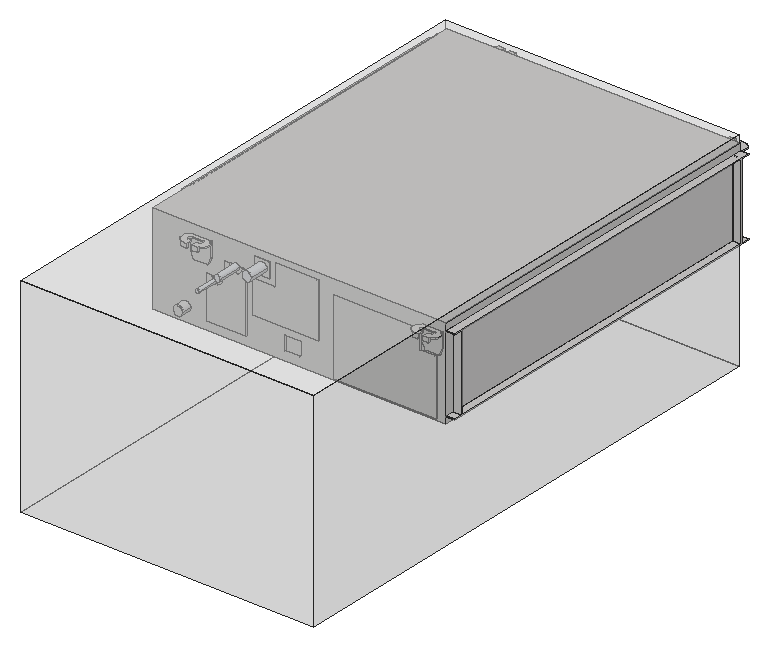
Revit family "outputfile", category 機械設備, Revit 2024
Family settings
  丸型コネクタ寸法 = 半径を使用
  パーツ タイプ = 標準
  OmniClass 番号 = 23.75.10.24.21.27.27
  OmniClass タイトル = Split System Air Conditioning Units
  作業面ベース = いいえ
  常に垂直 = はい
  ロード時にボイドで切り取り = いいえ
  注釈の向きを維持 = いいえ
  共有 = いいえ
  部屋計算ポイント = はい
Parameters (values of type "FXSQ80PAVE9")
  Description = ""
  製造元 = "Daikin"
  書き出し IFC クラス(タイプ) = "IfcUnitaryEquipmentType"
  定義済み IFC タイプ(タイプ) = "AIRCONDITIONINGUNIT"
  Cost = 0
  モデル = "FXSQ80PAVE9"
  Type Comments = ""
  Keynote = ""
  Type Image = (empty or 0)
  Assembly Code = ""
  r_Liquid Pipe Size = Liquid Pipe Size / 2  # 4.75 mm
  r_Gas Pipe Size = Gas Pipe Size / 2  # 7.95 mm
  r_Drain Pipe Size = Drain Pipe Size / 2  # 12.5 mm
  lw_power = 770.0 mm  # constant formula
  lh_SA = 138.0 mm  # constant formula
  lw_SA = if(Depth = 550.0 mm, 225.0 mm, if(Depth = 700.0 mm, 300.0 mm, if(Depth = 1000.0 mm, 450.0 mm, if(Depth = 1400.0 mm, 650.0 mm, 725.0 mm))))  # 450.0 mm
  lw_RA = if(Depth = 550.0 mm, 275.0 mm, if(Depth = 700.0 mm, 349.0 mm, if(Depth = 1000.0 mm, 499.0 mm, if(Depth = 1400.0 mm, 699.0 mm, 775.0 mm))))  # 499.0 mm
  lh_power = 60.0 mm + [h***]  # 60.0 mm
  lh_mountinghole1 = lh_mountinghole + [h***]  # 222.0 mm
  lh_RA = 123.0 mm  # constant formula
  ld_power = Depth / 2  # 500.0 mm
  Voltage_comment_60Hz = "220"
  Voltage_comment_50Hz = "220-240"
  Voltage_60Hz = 220 V
  Voltage_50Hz = 220 V
  URL = ""
  Supply Air Direction [instance] = yes
  Sound Power Level_H speed (dB) = 65.5
  Phase_60Hz = 1
  Phase_50Hz = 1
  Minimum External Static Pressure = 50.00 Pa
  Minimum Circuit Amps_60Hz = 1.8 A
  Minimum Circuit Amps_50Hz = 1.8 A
  Maximum Fuse Amps_60Hz = 16.0 A
  Maximum Fuse Amps_50Hz = 16.0 A
  Maximum External Static Pressure = 150.00 Pa
  Material_Casing = DAIKIN_GalvanizedSteel_Casing_indoorunit
  lw_mountinghole = 630.0 mm  # constant formula
  lh_gaspipe = 183.0 mm + [h***]  # 183.0 mm
  lh_mountinghole = 222.0 mm  # constant formula
  lh_liquidpipe = 136.0 mm + [h***]  # 136.0 mm
  lh_drainpipe = 207.0 mm + [h***]  # 207.0 mm
  lh_antena = Height - lh_mountinghole + 1.0 mm  # 24.0 mm
  ld_drainpipe = Depth / 2 + 53.0 mm  # 553.0 mm
  ld_liquidpipe = Depth / 2 + 69.0 mm  # 569.0 mm
  ld_gaspipe = Depth / 2 + 65.0 mm  # 565.0 mm
  ld_mountinghole = Depth + 38.0 mm  # 1038.0 mm
  h*** = 0.0 mm  # constant formula
  lw_liquidpipe = 179.0 mm  # constant formula
  lw_gaspipe = 229.0 mm  # constant formula
  lw_drainpipe = 300.0 mm  # constant formula
  Width = 800.0 mm
  Version = "ver.1.0"
  Unit Type = "Middle Static Pressure Duct Type"
  Unit Mass Weight = 37.00 kg
  Unit Designation [instance] = ""
  Uniclass2015Version = "Products v1.30"
  Uniclass2015Title = "Variable refrigerant flow units"
  Uniclass2015Code = "Pr_70_65_03_94"
  Total Heating Capacity [instance] = 0.000 kW
  Total Cooling Capacity [instance] = 0.000 kW
  Sound Pressure Level_M speed (dBA) = 0
  Sound Pressure Level_L speed (dBA) = 30
  Sound Pressure Level_H speed (dBA) = 37.5
  Series = "VRV Fan Coil Unit"
  Sensible Cooling Capacity [instance] = 0.000 kW
  SA Duct Size Width = if(Depth = 550.0 mm, 337.0 mm, if(Depth = 700.0 mm, 492.0 mm, if(Depth = 1000.0 mm, 792.0 mm, if(Depth = 1400.0 mm, 1192.0 mm, 1337.0 mm))))  # 792.0 mm
  SA Duct Size Height = 176.0 mm
  Refrigerant Type = "R410A"
  RA Duct Size Width = if(Depth = 550.0 mm, 502.0 mm, if(Depth = 700.0 mm, 654.0 mm, if(Depth = 1000.0 mm, 952.0 mm, if(Depth = 1400.0 mm, 1352.0 mm, 1502.0 mm))))  # 952.0 mm
  RA Duct Size Height = 208.0 mm
  Power Input (Heating) = 0.225 kW
  Power Input (Cooling) = 0.230 kW
  Option Accessory 3 [instance] = ""
  Option Accessory 2 [instance] = ""
  Option Accessory 1 [instance] = ""
  Nominal Heating Capacity = 10.000 kW
  Nominal Cooling Capacity = 9.000 kW
  Minimum Airflow = 960.00 m³/h
  Median Airflow = 1170.00 m³/h
  Maximum Airflow = 1380.00 m³/h
  Load Classification = HVAC
  Liquid Pipe Size = 9.5 mm
  Link_Nested Family [instance] = ""
  IfcVersion = "0"
  IfcExportType = "AIRCONDITIONINGUNIT"
  IfcExportAs = "IfcUnitaryEquipmentType"
  Height = 245.0 mm
  Heating Entering Wet Bulb Temperature [instance] = 0.00 °C
  Heating Entering Dry Bulb Temperature [instance] = 0.00 °C
  Heating Ambient Wet Bulb Temperature [instance] = 0.00 °C
  Heating Ambient Dry Bulb Temperature [instance] = 0.00 °C
  Heat Exchanger Type = "Cross Fin Coil"
  Gas Pipe Size = 15.9 mm
  Frequency_60Hz = 60 Hz
  Frequency_50Hz = 50 Hz
  Fan Type = "Sirocco Fan"
  Fan Drive = "Direct Drive"
  FCU Tag No. [instance] = ""
  Drain Pipe Size = 25.0 mm
  Design Supply Airflow [instance] = 0.00 m³/h
  Design Return Airflow [instance] = 0.00 m³/h
  Design External Static Pressure [instance] = 0.00 Pa
  Depth = 1000.0 mm
  既定の高さ = 0.0 mm
  Cooling Entering Wet Bulb Temperature [instance] = 0.00 °C
  Cooling Entering Dry Bulb Temperature [instance] = 0.00 °C
  Cooling Ambient Wet Bulb Temperature [instance] = 0.00 °C
  Cooling Ambient Dry Bulb Temperature [instance] = 0.00 °C
  Clearance visibility [instance] = yes
  Clearance Top = 20.0 mm
  Clearance Right = 0.0 mm
  Clearance Rear = 0.0 mm
  Clearance Left = 0.0 mm
  Clearance Front = 450.0 mm
  Clearance Bottom = 300.0 mm
Reference planes
  plane 1 "Center (Front/Back)": y = 0
  plane 2 "h": z = 0
  plane 3 "Center (Left/Right)": x = 0
  plane 4 "Back": y = 500
  plane 5 "Front": y = -500
  plane 6 "Left": x = -400
  plane 7 "Reight": x = 400
  plane 8 "Top": z = 0
  plane 9 "Bottom": z = -245
  plane 10: y = -215
  plane 11: y = 500
  plane 12: y = -950
  plane 13: x = -400
  plane 14: x = 400
  plane 15: z = 20
  plane 16: z = -545
  plane 17: x = -400
  plane 18: x = -399
  plane 19: x = 399
  plane 20: y = 50
  plane 21: y = -1
  plane 22: z = -122
  plane 23: y = -501
  plane 24: z = -109
  plane 25: x = -221
  plane 26: y = -565
  plane 27: z = -62
  plane 28: x = -171
  plane 29: y = -553
  plane 30: z = -38
  plane 31: x = -100
  plane 32: x = -100
  plane 33: x = -221
  plane 34: x = -171
  plane 35: x = 370
  plane 36: x = -266
  plane 37: x = 364
  plane 38: y = -519
  plane 39: y = 519
  plane 40: z = -23
  plane 41: z = -107
  plane 42: y = -570
  plane 43: z = -207
  plane 44: x = -309
  plane 45: y = -526
  plane 46: x = -251
  plane 47: x = -203
  plane 48: x = -144
  plane 49: z = -59
  plane 50: z = -106
  plane 51: z = -221
  plane 52: z = -109
  plane 53: x = -221
  plane 54: z = -62
  plane 55: x = -171
  plane 56: z = -17
  plane 57: z = -59
  plane 58: x = -121
  plane 59: x = -79
  plane 60: x = -125
  plane 61: x = -64
  plane 62: x = 53
  plane 63: z = -164
  plane 64: z = -73
  plane 65: z = -16
  plane 66: x = 93.5
  plane 67: x = 374.5
  plane 68: x = 330
  plane 69: z = -88.5
  plane 70: z = -38
  plane 71: z = -242.5
  plane 72: x = -38.5
  plane 73: x = 6.5
  plane 74: z = -181
  plane 75: z = -221
  plane 76: y = -499
  plane 77: x = -424
  plane 78: x = 424
Forms (mm)
  Extrusion 1, solid, material "DAIKIN_GalvanizedSteel_Casing_indoorunit" <- "Material_Casing"
    sketch origin (0, 0, 0) x (1, 0, 0) y (0, 1, 0)
      loop
        line (-399, 500) -> (-399, -500) -> (399, -500) -> (399, 500) -> (-399, 500)
    from -245 to 0
  Extrusion 2, solid, material "DAIKIN_GalvanizedSteel_Casing_indoorunit" <- "Material_Casing"
    sketch origin (0, 0, 0) x (1, 0, 0) y (0, 0, 1)
      loop
        line (-251, -221) -> (-144, -221) -> (-144, -59) -> (-154.47, -59)
        arc (-154.47, -59) -> (-171, -78.8) -> (-187.53, -59) r 16.8
        line (-187.53, -59) -> (-203, -59) -> (-203, -106) -> (-206.916, -106)
        arc (-206.916, -106) -> (-221, -123.4) -> (-235.084, -106) r 14.4
        line (-235.084, -106) -> (-251, -106) -> (-251, -221)
    from 500 to 501
  Extrusion 3, solid, material "DAIKIN_GalvanizedSteel_Casing_indoorunit" <- "Material_Casing"
    sketch origin (0, 0, 0) x (1, 0, 0) y (0, 0, 1)
      loop
        line (-121, -17) -> (-121, -59) -> (-79, -59) -> (-79, -17) -> (-121, -17)
      loop
        line (-125, -73) -> (-125, -164) -> (53, -164) -> (53, -16) -> (-64, -16) -> (-64, -73) -> (-125, -73)
    from 500 to 501
  Extrusion 4, solid, material "DAIKIN_GalvanizedSteel_Casing_indoorunit" <- "Material_Casing"
    sketch origin (0, 0, 0) x (1, 0, 0) y (0, 0, 1)
      loop
        line (93.5, -38) -> (93.5, -242.5) -> (374.5, -242.5) -> (374.5, -88.5) -> (330, -88.5) -> (330, -38) -> (93.5, -38)
    from 500 to 501
  Extrusion 5, solid
    sketch origin (0, 0, 0) x (1, 0, 0) y (0, 0, 1)
      loop
        circle (-221, -109) r 4.75
    from 500 to 570
  Extrusion 6, solid
    sketch origin (0, 0, 0) x (1, 0, 0) y (0, 0, 1)
      loop
        circle (-171, -62) r 7.95
    from 500 to 565
  Extrusion 7, solid
    sketch origin (0, 0, 0) x (1, 0, 0) y (0, 0, 1)
      loop
        circle (-100, -38) r 12.5
    from 501 to 553
  Extrusion 8, solid, material "DAIKIN_GalvanizedSteel_Casing_indoorunit" <- "Material_Casing"
    sketch origin (0, 0, 0) x (1, 0, 0) y (0, 0, 1)
      loop
        circle (-309, -207) r 13
    from 500 to 526
  Extrusion 9, void
    sketch origin (0, 0, 0) x (1, 0, 0) y (0, 0, 1)
      loop
        line (-38.5, -181) -> (-38.5, -221) -> (6.5, -221) -> (6.5, -181) -> (-38.5, -181)
    from 499 to 500
Cuts and joins
  Extrusion 9 cuts Extrusion 1
Dimensions and locks
  "Height": plane 8 "Top" to plane 9 "Bottom"
  equal spacing: plane 4 "Back", plane 1 "Center (Front/Back)", plane 5 "Front"
  "Depth": plane 4 "Back" to plane 5 "Front"
  equal spacing: plane 6 "Left", plane 3 "Center (Left/Right)", plane 7 "Reight"
  "Width": plane 6 "Left" to plane 7 "Reight"
  "Clearance Left": plane 13 to plane 6 "Left"
  "Clearance Right": plane 7 "Reight" to plane 14
  "Clearance Rear": plane 11 to plane 4 "Back"
  "Clearance Front": plane 5 "Front" to plane 12
  "Clearance Top": plane 15 to plane 8 "Top"
  "Clearance Bottom": plane 9 "Bottom" to plane 16
  locked: plane 17 to plane 18 at 1
  locked: plane 19 to plane 14 at 1
  "lw_SA": plane 11 to plane 20
  "lw_RA": plane 21 to plane 5 "Front"
  "lh_RA": plane 22 to plane 9 "Bottom"
  locked: plane 5 "Front" to plane 23 at 1
  "lw_liquidpipe": plane 25 to plane 6 "Left"
  "lh_liquidpipe": plane 24 to plane 9 "Bottom"
  "lh_gaspipe": plane 27 to plane 9 "Bottom"
  "lw_gaspipe": plane 28 to plane 6 "Left"
  "ld_gaspipe": plane 26 to plane 1 "Center (Front/Back)"
  "ld_drainpipe": plane 29 to plane 1 "Center (Front/Back)"
  "lh_drainpipe": plane 30 to plane 9 "Bottom"
  "lw_drainpipe": plane 31 to plane 6 "Left"
  "lw_drainpipe": plane 6 "Left" to plane 32
  "lw_liquidpipe": plane 6 "Left" to plane 33
  "lw_gaspipe": plane 6 "Left" to plane 34
  "lw_power": plane 6 "Left" to plane 35
  locked: plane 17 to plane 36 at 134
  "lw_mountinghole": plane 36 to plane 37
  equal spacing: plane 38, plane 1 "Center (Front/Back)", plane 39
  "ld_mountinghole": plane 39 to plane 38
  "lh_mountinghole": plane 40 to plane 9 "Bottom"
  "lh_SA": plane 41 to plane 9 "Bottom"
  "ld_liquidpipe": plane 21 to plane 42
  locked: plane 44 to plane 6 "Left" at 91
  locked: plane 43 to plane 9 "Bottom" at 38
  locked: plane 5 "Front" to plane 45 at 26
  plane 48 to plane 47 to plane 46 to plane 6 "Left" = 59.0 mm, 48.0 mm, 149.0 mm
  plane 8 "Top" to plane 49 to plane 50 to plane 51 = 59.0 mm locked, 47.0 mm locked, 115.0 mm locked
  plane 55 to plane 53 to plane 6 "Left" = 50.0 mm locked, 179.0 mm locked
  plane 54 to plane 52 to plane 9 "Bottom" = 47.0 mm locked, 136.0 mm locked
  plane 59 to plane 58 to plane 6 "Left" = 42.0 mm locked, 279.0 mm locked
  plane 8 "Top" to plane 56 to plane 57 = 17.0 mm locked, 42.0 mm locked
  plane 62 to plane 61 to plane 60 to plane 6 "Left" = 117.0 mm, 61.0 mm, 275.0 mm
  plane 8 "Top" to plane 65 to plane 64 = 16.0 mm locked, 57.0 mm locked
  locked: plane 65 to plane 63 at 148
  plane 8 "Top" to plane 70 to plane 69 to plane 71 = 38.0 mm locked, 50.5 mm locked, 154.0 mm locked
  plane 67 to plane 68 to plane 66 to plane 6 "Left" = 44.5 mm locked, 236.5 mm locked, 493.5 mm locked
  plane 8 "Top" to plane 74 to plane 75 = 181.0 mm locked, 40.0 mm locked
  plane 73 to plane 72 to plane 6 "Left" = 45.0 mm, 361.5 mm
  locked: plane 76 to plane 5 "Front" at 1
  locked: plane 77 to plane 17 at 24
  locked: plane 14 to plane 78 at 24
  "r_Liquid Pipe Size": radius of Extrusion 5 sketch curve
  "r_Gas Pipe Size": radius of Extrusion 6 sketch curve
  "r_Drain Pipe Size": radius of Extrusion 7 sketch curve
  aligned and locked: level to plane 2 "h"
  aligned and locked: plane 8 "Top" to Extrusion 1
  aligned and locked: Extrusion 1 to plane 9 "Bottom"
  aligned and locked: nested 5 to plane 12
  aligned and locked: plane 13 to nested 5
  aligned and locked: plane 14 to nested 5
  aligned and locked: nested 5 to plane 13
  aligned and locked: plane 11 to nested 5
  aligned and locked: plane 15 to nested 5
  aligned and locked: plane 16 to nested 5
  aligned and locked: plane 5 "Front" to Extrusion 1 sketch curve
  aligned and locked: Extrusion 1 to plane 18
  aligned and locked: plane 19 to Extrusion 1
  aligned and locked: nested 7 to plane 18
  aligned and locked: nested 7 to plane 20
  aligned and locked: plane 19 to nested 8
  aligned and locked: plane 21 to nested 8
  aligned and locked: plane 22 to nested 8
  aligned and locked: Extrusion 2 to plane 23
  aligned and locked: plane 5 "Front" to Extrusion 2
  aligned and locked: Extrusion 3 to plane 23
  aligned and locked: plane 5 "Front" to Extrusion 3
  aligned and locked: plane 5 "Front" to Extrusion 4
  aligned and locked: Extrusion 5 sketch curve to plane 25
  aligned and locked: plane 24 to Extrusion 5 sketch curve
  aligned and locked: plane 5 "Front" to Extrusion 5
  aligned and locked: Extrusion 6 sketch curve to plane 28
  aligned and locked: plane 27 to Extrusion 6 sketch curve
  aligned and locked: plane 5 "Front" to Extrusion 6
  aligned and locked: Extrusion 7 sketch curve to plane 31
  aligned and locked: Extrusion 7 sketch curve to plane 30
  aligned and locked: Extrusion 7 to plane 29
  aligned and locked: plane 23 to Extrusion 7
  aligned and locked: nested 3 to plane 29
  aligned and locked: plane 32 to nested 3
  aligned and locked: nested 2 to plane 33
  aligned and locked: nested 1 to plane 34
  aligned and locked: Extrusion 6 to plane 26
  aligned and locked: nested 1 to plane 26
  aligned and locked: nested 6 to plane 5 "Front"
  aligned and locked: nested 6 to plane 35
  aligned and locked: plane 36 to nested 10
  aligned and locked: nested 10 to plane 5 "Front"
  aligned and locked: plane 37 to nested 9
  aligned and locked: nested 9 to plane 5 "Front"
  aligned and locked: nested 11 to plane 36
  aligned and locked: plane 4 "Back" to nested 11
  aligned and locked: nested 12 to plane 37
  aligned and locked: plane 4 "Back" to nested 12
  aligned and locked: plane 40 to nested 10
  aligned and locked: plane 40 to nested 11
  aligned and locked: plane 40 to nested 9
  aligned and locked: plane 40 to nested 12
  aligned and locked: plane 36 to nested 14
  aligned and locked: nested 14 to plane 39
  aligned and locked: plane 37 to nested 13
  aligned and locked: nested 13 to plane 39
  aligned and locked: plane 37 to nested 16
  aligned and locked: plane 38 to nested 16
  aligned and locked: plane 38 to nested 15
  aligned and locked: plane 36 to nested 15
  aligned and locked: plane 17 to plane 6 "Left"
  aligned and locked: plane 41 to nested 7
  aligned and locked: Extrusion 5 to plane 42
  aligned and locked: nested 2 to plane 42
  aligned and locked: Extrusion 8 sketch curve to plane 44
  aligned and locked: plane 43 to Extrusion 8 sketch curve
  aligned and locked: plane 5 "Front" to Extrusion 8
  aligned and locked: plane 45 to Extrusion 8
  aligned and locked: Extrusion 3 sketch curve to plane 56
  aligned and locked: Extrusion 3 sketch curve to plane 58
  aligned and locked: plane 57 to Extrusion 3 sketch curve
  aligned and locked: plane 59 to Extrusion 3 sketch curve
  aligned and locked: Extrusion 4 to plane 23
  aligned and locked: Extrusion 9 sketch curve to plane 74
  aligned and locked: plane 75 to Extrusion 9 sketch curve
  aligned and locked: plane 73 to Extrusion 9 sketch curve
  aligned and locked: plane 5 "Front" to Extrusion 9
  aligned and locked: plane 76 to Extrusion 9
  aligned and locked: nested 17 to plane 20
  aligned and locked: nested 17 to plane 77
  aligned and locked: plane 21 to nested 18
  aligned and locked: plane 78 to nested 18
  aligned and locked: plane 41 to nested 17
  aligned and locked: nested 18 to plane 22
  aligned and locked: nested 4 to plane 3 "Center (Left/Right)"
  aligned and locked: plane 1 "Center (Front/Back)" to nested 4
  aligned and locked: plane 8 "Top" to level
Automatic sketch dimensions
  plane 6 "Left" to Extrusion 1 sketch curve = 1.0 mm
  Extrusion 1 sketch curve to plane 7 "Reight" = 1.0 mm
  Extrusion 1 sketch curve to plane 4 "Back" = 0.0 mm
  Extrusion 2 sketch curve to plane 46 = 0.0 mm
  Extrusion 2 sketch curve to plane 33 = 0.0 mm
  Extrusion 2 sketch curve to plane 47 = 0.0 mm
  Extrusion 2 sketch curve to plane 34 = 0.0 mm
  Extrusion 2 sketch curve to plane 48 = 0.0 mm
  Extrusion 2 sketch curve to plane 51 = 0.0 mm
  Extrusion 2 sketch curve to plane 52 = 0.0 mm
  Extrusion 2 sketch curve to plane 50 = 0.0 mm  (x3)
  Extrusion 2 sketch curve to plane 54 = 0.0 mm
  Extrusion 2 sketch curve to plane 49 = 0.0 mm  (x3)
  plane 33 to Extrusion 2 sketch curve = 14.084 mm
  plane 34 to Extrusion 2 sketch curve = 16.53 mm
  Extrusion 3 sketch curve to plane 60 = 0.0 mm
  Extrusion 3 sketch curve to plane 61 = 0.0 mm
  Extrusion 3 sketch curve to plane 62 = 0.0 mm
  Extrusion 3 sketch curve to plane 63 = 0.0 mm
  Extrusion 3 sketch curve to plane 64 = 0.0 mm
  Extrusion 3 sketch curve to plane 65 = 0.0 mm
  Extrusion 4 sketch curve to plane 66 = 0.0 mm
  Extrusion 4 sketch curve to plane 68 = 0.0 mm
  Extrusion 4 sketch curve to plane 67 = 0.0 mm
  Extrusion 4 sketch curve to plane 71 = 0.0 mm
  Extrusion 4 sketch curve to plane 69 = 0.0 mm
  Extrusion 4 sketch curve to plane 70 = 0.0 mm
  Extrusion 9 sketch curve to plane 72 = 0.0 mm
  radius of Extrusion 8 sketch curve = 13.0 mm
Nested families
  nested 1: "daikin_connector_rotate2" at (-171, 0, -62), length <- "ld_gaspipe", built-in parameter 1001364 <- "lh_gaspipe", radius <- "r_Gas Pipe Size", type "daikin_connector_rotate2"
    with radius 7.95 mm, length 565.0 mm, angle_vertical 90.00°
  nested 2: "daikin_connector_rotate2" at (-221, -1, -109), length <- "ld_liquidpipe", built-in parameter 1001364 <- "lh_liquidpipe", radius <- "r_Liquid Pipe Size", type "daikin_connector_rotate2"
    with radius 4.75 mm, length 569.0 mm, angle_vertical 90.00°
  nested 3: "daikin_connector_rotate2" at (-100, 0, -38), length <- "ld_drainpipe", built-in parameter 1001364 <- "lh_drainpipe", radius <- "r_Drain Pipe Size", type "daikin_connector_rotate2"
    with radius 12.5 mm, length 553.0 mm, angle_vertical 90.00°
  nested 4: "daikin_△_symbolicline" at (0, 0, 245) x (0, -1, 0) z (0, 0, 1), built-in parameter 1001364 <- "Height", visible <- "Supply Air Direction", type "daikin_△_symbolicline"
    with length 200.0 mm
  nested 5: "daikin_clearancespace" at (0, -225, -262.381), visible <- "Clearance visibility", show <- "Clearance visibility", Link_Nested Family <- "Link_Nested Family", type "daikin_clearancespace"
    with width 800.0 mm, show yes, height 565.0 mm, depth 1450.0 mm, Link_Nested Family ""
  nested 6: "daikin_connector_rotate2" at (370, 0, -185), built-in parameter 1001364 <- "lh_power", length <- "ld_power", type "daikin_connector_rotate2"
    with radius 10.0 mm, length 500.0 mm, angle_vertical 90.00°
  nested 7: "daikin_ductflange_FXSQ-PAVE9_2" at (-399, 50, -107) x (0, -1, 0) z (0, 0, 1), type "daikin_ductflange_FXSQ-PAVE9_2"
    with width 792.0 mm, w 1000.0 mm
  nested 8: "daikin_ductflange_FXSQ-PAVE9_1" at (399, -1, -122) x (0, 1, 0) z (0, 0, 1), type "daikin_ductflange_FXSQ-PAVE9_1"
    with width 952.0 mm, w 1000.0 mm
  nested 9: "daikin_hangerfixture_FXSQ-PAVE9" at (364, -500, -23), type "daikin_hangerfixture_FXSQ-PAVE9"
  nested 10: "daikin_hangerfixture_FXSQ-PAVE9" at (-266, -500, -23), type "daikin_hangerfixture_FXSQ-PAVE9"
  nested 11: "daikin_hangerfixture_FXSQ-PAVE9" at (-266, 500, -23) x (-1, 0, 0) z (0, 0, 1), type "daikin_hangerfixture_FXSQ-PAVE9"
  nested 12: "daikin_hangerfixture_FXSQ-PAVE9" at (364, 500, -23) x (-1, 0, 0) z (0, 0, 1), type "daikin_hangerfixture_FXSQ-PAVE9"
  nested 13: "daikin_mountinghole" at (364, 519, -245), h_mountinghole <- "lh_mountinghole1", l_antenna <- "lh_antena", Link_Nested Family <- "Link_Nested Family", type "daikin_mountinghole"
    with show yes, l_antenna 24.0 mm, h_mountinghole 222.0 mm, Link_Nested Family ""
  nested 14: "daikin_mountinghole" at (-266, 519, -245), h_mountinghole <- "lh_mountinghole1", l_antenna <- "lh_antena", Link_Nested Family <- "Link_Nested Family", type "daikin_mountinghole"
    with show yes, l_antenna 24.0 mm, h_mountinghole 222.0 mm, Link_Nested Family ""
  nested 15: "daikin_mountinghole" at (-266, -519, -245), h_mountinghole <- "lh_mountinghole1", l_antenna <- "lh_antena", Link_Nested Family <- "Link_Nested Family", type "daikin_mountinghole"
    with show yes, l_antenna 24.0 mm, h_mountinghole 222.0 mm, Link_Nested Family ""
  nested 16: "daikin_mountinghole" at (364, -519, -245), h_mountinghole <- "lh_mountinghole1", l_antenna <- "lh_antena", Link_Nested Family <- "Link_Nested Family", type "daikin_mountinghole"
    with show yes, l_antenna 24.0 mm, h_mountinghole 222.0 mm, Link_Nested Family ""
  nested 17: "daikin_connector_rotate2" at (-400, 50, -107) x (0, -1, 0) z (0, 0, 1), type "daikin_connector_rotate2"
    with radius 10.0 mm, length 24.0 mm, angle_vertical 90.00°
  nested 18: "daikin_connector_rotate2" at (400, -1, -122) x (0, 1, 0) z (0, 0, 1), type "daikin_connector_rotate2"
    with radius 10.0 mm, length 24.0 mm, angle_vertical 90.00°
Connectors
  piping at (-100, -553, -38), diameter 25, driven by "r_Drain Pipe Size"
    settings: on nested 3, index 3, connector inside diameter 609.6 mm, connector length 0.0 mm, flow factor 0, pipe flow 0.00 m³/h, pressure drop 0.0 Pa, fitting loss kfactor 0, connector angle 0.00°, fixture units 0, engagement length 0.0 mm, angle of deflection 0.00°, flow configuration 1, flow direction 2, fitting loss method 4, system type 16, joint type 0, gender type 0, connector reference index -1, connector utility 0, adjustable connector no, is connector primary yes, connector description "Condensate Drain Piping"
  piping at (-171, -565, -62), diameter 15.9, driven by "r_Gas Pipe Size"
    settings: on nested 1, index 4, connector inside diameter 609.6 mm, connector length 0.0 mm, flow factor 0, pipe flow 0.00 m³/h, pressure drop 0.0 Pa, fitting loss kfactor 0, connector angle 0.00°, fixture units 0, engagement length 0.0 mm, angle of deflection 0.00°, flow configuration 1, flow direction 2, fitting loss method 0, system type 29, joint type 0, gender type 0, connector reference index -1, connector utility 0, adjustable connector no, is connector primary no, connector description "Refrigerant Gas Piping"
  piping at (-221, -570, -109), diameter 9.5, driven by "r_Liquid Pipe Size"
    settings: on nested 2, index 5, connector inside diameter 609.6 mm, connector length 0.0 mm, flow factor 0, pipe flow 0.00 m³/h, pressure drop 0.0 Pa, fitting loss kfactor 0, connector angle 0.00°, fixture units 0, engagement length 0.0 mm, angle of deflection 0.00°, flow configuration 1, flow direction 1, fitting loss method 0, system type 29, joint type 0, gender type 0, connector reference index -1, connector utility 0, adjustable connector no, is connector primary no, connector description "Refrigerant Liquid Piping"
  electrical at (370, -500, -185), driven by "Load Classification"
    settings: on nested 6, index 6, voltage 0 V, apparent load 0 VA, apparent load phase1 0 VA, apparent load phase2 0 VA, apparent load phase3 0 VA, power factor 1, load classification "HVAC", number of poles 1, system type 30, power factor state 1, is connector primary yes, connector utility no, sub classification motor no, connector description "Power Supply"
  hvac at (-424, 50, -107), driven by "SA Duct Size Height", driven by "SA Duct Size Width"
    settings: on nested 17, index 7, duct flow 0.00 m³/h, flow factor 0, pres drop 0.00 Pa, loss coef 0, conn angle 0.00°, conn width 792.0 mm, conn height 176.0 mm, conn diameter 609.6 mm, duct sys type 1, conn prof type 1, flow config 0, flow direction 2, loss method 4, conn ref index -1, conn util no, is conn primary yes, conn desc "SA Duct"
  hvac at (424, -1, -122), driven by "RA Duct Size Height", driven by "RA Duct Size Width"
    settings: on nested 18, index 8, duct flow 0.00 m³/h, flow factor 0, pres drop 0.00 Pa, loss coef 0, conn angle 0.00°, conn width 952.0 mm, conn height 208.0 mm, conn diameter 609.6 mm, duct sys type 2, conn prof type 1, flow config 0, flow direction 1, loss method 4, conn ref index -1, conn util no, is conn primary no, conn desc "RA Duct"
Definition of nested family "daikin_clearancespace"
  Parameters (values of type "daikin_clearancespace")
    width [instance] = 1823.963 mm
    show [instance] = yes
    material = none
    height [instance] = 1359.762 mm
    depth [instance] = 880.0 mm
    Default Elevation = 0.0 mm
    Link_Nested Family [instance] = ""
  Reference planes
    plane 1 "Center (Front/Back)": y = 0
    plane 2 "Center (Elevation)": z = -0.119
    plane 3 "Center (Left/Right)": x = 0
    plane 4: y = 440
    plane 5: y = -440
    plane 6 "Right": x = 911.982
    plane 7 "Left": x = -911.982
    plane 8 "Top": z = 679.762
    plane 9 "Bottom": z = -680
  Forms (mm)
    Extrusion 1, solid, material <- "material", visible <- "show"
      sketch origin (0, 0, 0) x (1, 0, 0) y (0, 1, 0)
        loop
          line (-911.982, 440) -> (-911.982, -440) -> (911.982, -440) -> (911.982, 440) -> (-911.982, 440)
      from -680 to 679.762
  Lines and regions (mm)
    symbolic lines, visible <- "show"
      curve 1: line (911.982, 440, 0) -> (-911.982, 440, 0)
      curve 2: line (-911.982, 440, 0) -> (-911.982, -440, 0)
      curve 3: line (-911.982, -440, 0) -> (911.982, -440, 0)
      curve 4: line (911.982, -440, 0) -> (911.982, 440, 0)
      curve 5: line (911.982, 0, 679.762) -> (-911.982, 0, 679.762)
      curve 6: line (911.982, 0, -680) -> (911.982, 0, 679.762)
      curve 7: line (-911.982, 0, -680) -> (911.982, 0, -680)
      curve 8: line (-911.982, 0, 679.762) -> (-911.982, 0, -680)
      curve 9: line (0, 440, 679.762) -> (0, -440, 679.762)
      curve 10: line (0, -440, 679.762) -> (0, -440, -680)
      curve 11: line (0, 440, -680) -> (0, 440, 679.762)
      curve 12: line (0, -440, -680) -> (0, 440, -680)
  Dimensions and locks
    "width": plane 7 "Left" to plane 6 "Right"
    "depth": plane 4 to plane 5
    "height": plane 8 "Top" to plane 9 "Bottom"
    equal spacing: plane 7 "Left", plane 3 "Center (Left/Right)", plane 6 "Right"
    equal spacing: plane 4, plane 1 "Center (Front/Back)", plane 5
    equal spacing: plane 8 "Top", plane 2 "Center (Elevation)", plane 9 "Bottom"
    aligned and locked: level to plane 2 "Center (Elevation)"
    aligned and locked: Extrusion 1 sketch curve to plane 4
    aligned and locked: plane 7 "Left" to Extrusion 1 sketch curve
    aligned and locked: Extrusion 1 sketch curve to plane 5
    aligned and locked: Extrusion 1 sketch curve to plane 6 "Right"
    aligned and locked: plane 8 "Top" to Extrusion 1
    aligned and locked: curve 1 to Extrusion 1
    aligned and locked: curve 2 to Extrusion 1
    aligned and locked: curve 3 to Extrusion 1
    aligned and locked: curve 4 to Extrusion 1
    aligned and locked: curve 5 to Extrusion 1
    aligned and locked: curve 6 to Extrusion 1
    aligned and locked: curve 7 to Extrusion 1
    aligned and locked: curve 8 to Extrusion 1
    aligned and locked: curve 9 to Extrusion 1
    aligned and locked: curve 10 to Extrusion 1
    aligned and locked: curve 11 to Extrusion 1
    aligned and locked: curve 12 to Extrusion 1
    aligned and locked: Extrusion 1 to plane 9 "Bottom"
Definition of nested family "daikin_ductflange_FXSQ-PAVE9_2"
  Parameters (values of type "daikin_ductflange_FXMQ-PAVE2")
    width = if(w = 550.0 mm, 337.0 mm, if(w = 700.0 mm, 492.0 mm, if(w = 1000.0 mm, 792.0 mm, if(w = 1400.0 mm, 1192.0 mm, 1337.0 mm))))  # 337.0 mm
    material = none
    height = 215.0 mm
    depth = 1.0 mm
    w = 550.0 mm
    Default Elevation = 0.0 mm
  Reference planes
    plane 1 "Center (Front/Back)": y = 0
    plane 2: z = 0
    plane 3 "Center (Left/Right)": x = 0
    plane 4: z = 88
    plane 5: z = -88
    plane 6: y = -25
    plane 7: z = 106
    plane 8: z = 89
    plane 9: y = -1
    plane 10: x = -192.5
    plane 11: x = 192.5
    plane 12: z = -106
    plane 13: z = -89
    plane 14: y = -1
    plane 15: x = 168.5
    plane 16: x = -168.5
    plane 17: x = 169.5
    plane 18: z = 87
    plane 19: z = -87
    plane 20: x = -169.5
    plane 21: z = 87
    plane 22: z = -87
    plane 23: y = -1
  Forms (mm)
    Extrusion 1, solid, material <- "material"
      sketch origin (0, 0, 0) x (0, 1, 0) y (0, 0, 1)
        loop
          line (-25, 88) -> (0, 88) -> (0, 106) -> (-1, 106) -> (-1, 89) -> (-25, 89) -> (-25, 88)
      from -192.5 to 192.5
    Extrusion 2, solid, material <- "material"
      sketch origin (0, 0, 0) x (0, 1, 0) y (0, 0, 1)
        loop
          line (-25, -88) -> (-25, -89) -> (-1, -89) -> (-1, -106) -> (0, -106) -> (0, -88) -> (-25, -88)
      from -192.5 to 192.5
    Extrusion 3, solid, material <- "material"
      sketch origin (0, 0, 0) x (1, 0, 0) y (0, 0, 1)
        loop
          line (168.5, 88) -> (168.5, -88) -> (192.5, -88) -> (192.5, -87) -> (169.5, -87) -> (169.5, 87) -> (192.5, 87) -> (192.5, 88) -> (168.5, 88)
      from 0 to 25
    Extrusion 4, solid, material <- "material"
      sketch origin (0, 0, 0) x (1, 0, 0) y (0, 0, 1)
        loop
          line (-192.5, 88) -> (-192.5, 87) -> (-169.5, 87) -> (-169.5, -87) -> (-192.5, -87) -> (-192.5, -88) -> (-168.5, -88) -> (-168.5, 88) -> (-192.5, 88)
      from 0 to 25
    Extrusion 5, solid, material <- "material"
      sketch origin (0, 0, 0) x (1, 0, 0) y (0, 0, 1)
        loop
          line (-192.5, 88) -> (-192.5, -88) -> (-168.5, -88) -> (-168.5, 88) -> (-192.5, 88)
        loop
          line (192.5, 88) -> (168.5, 88) -> (168.5, -88) -> (192.5, -88) -> (192.5, 88)
      from 0 to 1
  Cuts and joins
    joined: Extrusion 1, Extrusion 2, Extrusion 3, Extrusion 4, Extrusion 5
  Dimensions and locks
    plane 4 to level to plane 5 = 88.0 mm, 88.0 mm
    locked: plane 6 to plane 1 "Center (Front/Back)" at 25
    locked: plane 9 to plane 1 "Center (Front/Back)" at 1
    locked: plane 8 to plane 4 at 1
    locked: plane 16 to plane 10 at 24
    locked: plane 17 to plane 15 at 1
    locked: plane 4 to plane 18 at 1
    locked: plane 19 to plane 5 at 1
    "width": plane 15 to plane 16
    plane 4 to plane 5 = 176.0 mm
    locked: plane 16 to plane 20 at 1
    locked: plane 4 to plane 21 at 1
    locked: plane 22 to plane 5 at 1
    locked: plane 23 to plane 1 "Center (Front/Back)" at 1
    plane 4 to level to plane 5 = 88.0 mm locked, 88.0 mm locked
    locked: plane 5 to plane 13 at 1
    locked: plane 5 to plane 12 at 18
    locked: plane 7 to plane 4 at 18
    equal spacing: plane 15, plane 3 "Center (Left/Right)", plane 16
    locked: plane 11 to plane 15 at 24
    plane 11 to plane 10 = 385.0 mm
    aligned and locked: level to plane 2
    aligned and locked: Extrusion 1 to plane 10
    aligned and locked: plane 11 to Extrusion 1
    aligned and locked: plane 5 to Extrusion 2
    aligned and locked: Extrusion 2 to plane 1 "Center (Front/Back)"
    aligned and locked: plane 15 to Extrusion 3 sketch curve
    aligned and locked: Extrusion 3 sketch curve to Extrusion 2  (x2)
    aligned and locked: Extrusion 3 sketch curve to plane 11
    aligned and locked: plane 6 to Extrusion 3
    aligned and locked: Extrusion 2 to plane 10
    aligned and locked: plane 11 to Extrusion 2
    aligned and locked: Extrusion 4 sketch curve to Extrusion 1  (x2)
    aligned and locked: plane 5 to Extrusion 4 sketch curve
    aligned and locked: Extrusion 4 sketch curve to plane 16
    aligned and locked: Extrusion 4 sketch curve to plane 22
    aligned and locked: plane 20 to Extrusion 4 sketch curve
    aligned and locked: plane 21 to Extrusion 4 sketch curve
    aligned and locked: Extrusion 4 to plane 1 "Center (Front/Back)"
    aligned and locked: plane 6 to Extrusion 4
    aligned and locked: Extrusion 5 sketch curve to Extrusion 1  (x4)
    aligned and locked: Extrusion 5 sketch curve to Extrusion 4  (x2)
    aligned and locked: Extrusion 5 sketch curve to Extrusion 3  (x2)
    aligned and locked: Extrusion 5 to plane 1 "Center (Front/Back)"
    aligned and locked: plane 23 to Extrusion 5
  Automatic sketch dimensions
    Extrusion 1 sketch curve to plane 6 = 0.0 mm
    Extrusion 1 sketch curve to plane 7 = 0.0 mm
    Extrusion 1 sketch curve to plane 9 = 0.0 mm
    Extrusion 1 sketch curve to plane 1 "Center (Front/Back)" = 0.0 mm
    Extrusion 1 sketch curve to plane 4 = 0.0 mm
    Extrusion 1 sketch curve to plane 8 = 0.0 mm
    Extrusion 2 sketch curve to plane 6 = 0.0 mm
    plane 12 to Extrusion 2 sketch curve = 0.0 mm
    Extrusion 2 sketch curve to plane 14 = 0.0 mm
    Extrusion 2 sketch curve to plane 1 "Center (Front/Back)" = 0.0 mm
    plane 13 to Extrusion 2 sketch curve = 0.0 mm
    Extrusion 2 sketch curve to plane 5 = 0.0 mm
    Extrusion 3 sketch curve to plane 17 = 0.0 mm
    Extrusion 3 sketch curve to plane 19 = 0.0 mm
    Extrusion 3 sketch curve to plane 18 = 0.0 mm
    Extrusion 3 sketch curve to plane 4 = 0.0 mm
    Extrusion 4 sketch curve to plane 10 = 0.0 mm
Definition of nested family "daikin_ductflange_FXSQ-PAVE9_1"
  Parameters (values of type "daikin_ductflange_FXMQ-PAVE")
    width = if(w = 550.0 mm, 502.0 mm, if(w = 700.0 mm, 654.0 mm, if(w = 1000.0 mm, 952.0 mm, if(w = 1400.0 mm, 1352.0 mm, 1502.0 mm))))  # 502.0 mm
    material = none
    height = 208.0 mm
    depth = 1.0 mm
    w = 550.0 mm
    Default Elevation = 0.0 mm
  Reference planes
    plane 1 "Center (Front/Back)": y = 0
    plane 2: z = 0
    plane 3 "Center (Left/Right)": x = 0
    plane 4: z = 104
    plane 5: z = -104
    plane 6: y = -25
    plane 7: z = 121
    plane 8: z = 105
    plane 9: y = -1
    plane 10: x = -275
    plane 11: x = 275
    plane 12: z = -122
    plane 13: z = -105
    plane 14: y = -1
    plane 15: x = 251
    plane 16: x = -251
    plane 17: x = 252
    plane 18: z = 103
    plane 19: z = -103
    plane 20: x = -252
    plane 21: z = 103
    plane 22: z = -103
    plane 23: y = -1
  Forms (mm)
    Extrusion 1, solid, material <- "material"
      sketch origin (0, 0, 0) x (0, 1, 0) y (0, 0, 1)
        loop
          line (-25, 104) -> (0, 104) -> (0, 121) -> (-1, 121) -> (-1, 105) -> (-25, 105) -> (-25, 104)
      from -275 to 275
    Extrusion 2, solid, material <- "material"
      sketch origin (0, 0, 0) x (0, 1, 0) y (0, 0, 1)
        loop
          line (-25, -104) -> (-25, -105) -> (-1, -105) -> (-1, -122) -> (0, -122) -> (0, -104) -> (-25, -104)
      from -275 to 275
    Extrusion 3, solid, material <- "material"
      sketch origin (0, 0, 0) x (1, 0, 0) y (0, 0, 1)
        loop
          line (251, 104) -> (251, -104) -> (275, -104) -> (275, -103) -> (252, -103) -> (252, 103) -> (275, 103) -> (275, 104) -> (251, 104)
      from 0 to 25
    Extrusion 4, solid, material <- "material"
      sketch origin (0, 0, 0) x (1, 0, 0) y (0, 0, 1)
        loop
          line (-275, 104) -> (-275, 103) -> (-252, 103) -> (-252, -103) -> (-275, -103) -> (-275, -104) -> (-251, -104) -> (-251, 104) -> (-275, 104)
      from 0 to 25
    Extrusion 5, solid, material <- "material"
      sketch origin (0, 0, 0) x (1, 0, 0) y (0, 0, 1)
        loop
          line (-275, 104) -> (-275, -104) -> (-251, -104) -> (-251, 104) -> (-275, 104)
        loop
          line (275, 104) -> (251, 104) -> (251, -104) -> (275, -104) -> (275, 104)
      from 0 to 1
  Cuts and joins
    joined: Extrusion 1, Extrusion 2, Extrusion 3, Extrusion 4, Extrusion 5
  Dimensions and locks
    plane 4 to level to plane 5 = 104.0 mm, 104.0 mm
    locked: plane 6 to plane 1 "Center (Front/Back)" at 25
    locked: plane 9 to plane 1 "Center (Front/Back)" at 1
    locked: plane 8 to plane 4 at 1
    locked: plane 11 to plane 15 at 24
    locked: plane 16 to plane 10 at 24
    locked: plane 17 to plane 15 at 1
    locked: plane 4 to plane 18 at 1
    locked: plane 19 to plane 5 at 1
    "width": plane 15 to plane 16
    equal spacing: plane 15, plane 3 "Center (Left/Right)", plane 16
    locked: plane 16 to plane 20 at 1
    locked: plane 4 to plane 21 at 1
    locked: plane 22 to plane 5 at 1
    locked: plane 23 to plane 1 "Center (Front/Back)" at 1
    locked: plane 7 to plane 4 at 17
    locked: plane 1 "Center (Front/Back)" to plane 14 at 1
    locked: plane 5 to plane 13 at 1
    "height": plane 4 to plane 5
    plane 11 to plane 10 = 550.0 mm
    locked: plane 12 to plane 13 at 17
    equal spacing: plane 4, level, plane 5
    aligned and locked: level to plane 2
    aligned and locked: Extrusion 1 to plane 10
    aligned and locked: plane 11 to Extrusion 1
    aligned and locked: plane 5 to Extrusion 2
    aligned and locked: Extrusion 2 to plane 1 "Center (Front/Back)"
    aligned and locked: plane 15 to Extrusion 3 sketch curve
    aligned and locked: Extrusion 3 sketch curve to Extrusion 2  (x2)
    aligned and locked: Extrusion 3 sketch curve to plane 11
    aligned and locked: plane 6 to Extrusion 3
    aligned and locked: Extrusion 2 to plane 10
    aligned and locked: plane 11 to Extrusion 2
    aligned and locked: Extrusion 4 sketch curve to Extrusion 1  (x2)
    aligned and locked: plane 5 to Extrusion 4 sketch curve
    aligned and locked: Extrusion 4 sketch curve to plane 16
    aligned and locked: Extrusion 4 sketch curve to plane 22
    aligned and locked: plane 20 to Extrusion 4 sketch curve
    aligned and locked: plane 21 to Extrusion 4 sketch curve
    aligned and locked: Extrusion 4 to plane 1 "Center (Front/Back)"
    aligned and locked: plane 6 to Extrusion 4
    aligned and locked: Extrusion 5 sketch curve to Extrusion 1  (x4)
    aligned and locked: Extrusion 5 sketch curve to Extrusion 4  (x2)
    aligned and locked: Extrusion 5 sketch curve to Extrusion 3  (x2)
    aligned and locked: Extrusion 5 to plane 1 "Center (Front/Back)"
    aligned and locked: plane 23 to Extrusion 5
  Automatic sketch dimensions
    Extrusion 1 sketch curve to plane 6 = 0.0 mm
    Extrusion 1 sketch curve to plane 7 = 0.0 mm
    Extrusion 1 sketch curve to plane 9 = 0.0 mm
    Extrusion 1 sketch curve to plane 1 "Center (Front/Back)" = 0.0 mm
    Extrusion 1 sketch curve to plane 4 = 0.0 mm
    Extrusion 1 sketch curve to plane 8 = 0.0 mm
    Extrusion 2 sketch curve to plane 6 = 0.0 mm
    plane 12 to Extrusion 2 sketch curve = 0.0 mm
    Extrusion 2 sketch curve to plane 14 = 0.0 mm
    Extrusion 2 sketch curve to plane 1 "Center (Front/Back)" = 0.0 mm
    plane 13 to Extrusion 2 sketch curve = 0.0 mm
    Extrusion 2 sketch curve to plane 5 = 0.0 mm
    Extrusion 3 sketch curve to plane 17 = 0.0 mm
    Extrusion 3 sketch curve to plane 19 = 0.0 mm
    Extrusion 3 sketch curve to plane 18 = 0.0 mm
    Extrusion 3 sketch curve to plane 4 = 0.0 mm
    Extrusion 4 sketch curve to plane 10 = 0.0 mm
Definition of nested family "daikin_hangerfixture_FXSQ-PAVE9"
  Parameters (values of type "daikin_hangerfixture_FXMQ-PAVE")
    width = 72.0 mm
    material = none
    height = 60.0 mm
    depth = 41.0 mm
    Default Elevation = 0.0 mm
  Reference planes
    plane 1 "Center (Front/Back)": y = 0
    plane 2: z = 0
    plane 3 "Center (Left/Right)": x = 0
    plane 4: y = 417.146
    plane 5: y = -41
    plane 6: x = -36
    plane 7: x = 36
    plane 8: z = -2.3
    plane 9: z = -60
    plane 10: y = -2.3
    plane 11: z = -12
    plane 12: y = -38.7
  Forms (mm)
    Extrusion 1, solid, material <- "material"
      sketch origin (0, 0, 0) x (1, 0, 0) y (0, 1, 0)
        loop
          line (-28, 0) -> (-28, -5)
          arc (-28, -5) -> (-29.127, -8.162) -> (-32, -9.899) r 5
          arc (-32, -9.899) -> (-34.873, -11.636) -> (-36, -14.798) r 5
          line (-36, -14.798) -> (-36, -27.178)
          arc (-36, -27.178) -> (-35.429, -29.499) -> (-33.846, -31.289) r 5
          line (-33.846, -31.289) -> (-23, -38.798) -> (-23, -41.098) -> (-6.5, -41.098) -> (-6.5, -28.498)
          arc (-6.5, -28.498) -> (-7.379, -26.377) -> (-9.5, -25.498) r 3
          line (-9.5, -25.498) -> (-13.5, -25.498)
          arc (-13.5, -25.498) -> (-20, -18.998) -> (-13.5, -12.498) r 6.5
          line (-13.5, -12.498) -> (13.5, -12.498)
          arc (13.5, -12.498) -> (20, -18.998) -> (13.5, -25.498) r 6.5
          line (13.5, -25.498) -> (9.5, -25.498)
          arc (9.5, -25.498) -> (7.379, -26.377) -> (6.5, -28.498) r 3
          line (6.5, -28.498) -> (6.5, -41.098) -> (23, -41.098) -> (23, -38.798) -> (33.846, -31.289)
          arc (33.846, -31.289) -> (35.429, -29.499) -> (36, -27.178) r 5
          line (36, -27.178) -> (36, -14.596)
          arc (36, -14.596) -> (34.873, -11.434) -> (32, -9.697) r 5
          arc (32, -9.697) -> (29.127, -7.96) -> (28, -4.798) r 5
          line (28, -4.798) -> (28, 0) -> (-28, 0)
      from 0 to -2.3
    Extrusion 2, solid, material <- "material"
      sketch origin (0, 0, 0) x (1, 0, 0) y (0, 0, 1)
        loop
          line (28, -39.037) -> (28, 0) -> (-28, 0) -> (-28, -39.037)
          arc (-28, -39.037) -> (-27.91, -39.983) -> (-27.642, -40.894) r 5
          line (-27.642, -40.894) -> (-21.257, -56.857)
          arc (-21.257, -56.857) -> (-19.418, -59.14) -> (-16.615, -60) r 5
          line (-16.615, -60) -> (16.615, -60)
          arc (16.615, -60) -> (19.418, -59.14) -> (21.257, -56.857) r 5
          line (21.257, -56.857) -> (27.642, -40.894)
          arc (27.642, -40.894) -> (27.91, -39.983) -> (28, -39.037) r 5
      from 0 to 2.3
    Extrusion 3, solid, material <- "material"
      sketch origin (0, 0, 0) x (1, 0, 0) y (0, 0, 1)
        loop
          line (-23, 0) -> (-23, -9)
          arc (-23, -9) -> (-22.121, -11.121) -> (-20, -12) r 3
          line (-20, -12) -> (-9.5, -12)
          arc (-9.5, -12) -> (-7.379, -11.121) -> (-6.5, -9) r 3
          line (-6.5, -9) -> (-6.5, 0) -> (-23, 0)
        loop
          line (23, 0) -> (6.5, 0) -> (6.5, -9)
          arc (6.5, -9) -> (7.379, -11.121) -> (9.5, -12) r 3
          line (9.5, -12) -> (20, -12)
          arc (20, -12) -> (22.121, -11.121) -> (23, -9) r 3
          line (23, -9) -> (23, 0)
      from 38.8 to 41.098
  Cuts and joins
    joined: Extrusion 1, Extrusion 2, Extrusion 3
  Dimensions and locks
    plane 2 to plane 8 = 2.3 mm
    "height": plane 2 to plane 9
    locked: plane 10 to plane 1 "Center (Front/Back)" at 2.3
    locked: plane 2 to plane 11 at 12
    locked: plane 12 to plane 5 at 2.3
    aligned and locked: level to plane 2
    aligned and locked: Extrusion 1 to plane 8
    aligned and locked: plane 2 to Extrusion 1
    aligned and locked: plane 2 to Extrusion 2 sketch curve
    aligned and locked: Extrusion 2 to plane 10
    aligned and locked: Extrusion 2 to plane 1 "Center (Front/Back)"
    aligned and locked: Extrusion 3 sketch curve to cut or joined group of Extrusion 1, Extrusion 2, Extrusion 3  (x3)
    aligned and locked: cut or joined group of Extrusion 1, Extrusion 2, Extrusion 3 to Extrusion 3
  Automatic sketch dimensions
    Extrusion 2 sketch curve to plane 7 = 8.0 mm
    Extrusion 2 sketch curve to plane 8 = 36.737 mm
    plane 6 to Extrusion 2 sketch curve = 19.385 mm
    Extrusion 1 sketch curve to plane 6 = 0.0 mm
    plane 1 "Center (Front/Back)" to Extrusion 1 sketch curve = 0.0 mm
    Extrusion 1 sketch curve to plane 7 = 0.0 mm
    plane 6 to Extrusion 1 sketch curve = 2.154 mm
    plane 6 to Extrusion 1 sketch curve = 3.0 mm
    Extrusion 1 sketch curve to Extrusion 1 sketch curve = 5.0 mm  (x3)
    Extrusion 1 sketch curve to plane 12 = 0.098 mm  (x2)
    Extrusion 1 sketch curve to Extrusion 1 sketch curve = 4.0 mm  (x2)
    Extrusion 1 sketch curve to plane 5 = 0.098 mm  (x2)
    Extrusion 1 sketch curve to plane 3 "Center (Left/Right)" = 6.5 mm
    plane 3 "Center (Left/Right)" to Extrusion 1 sketch curve = 6.5 mm
    Extrusion 1 sketch curve to Extrusion 1 sketch curve = 3.0 mm
    Extrusion 1 sketch curve to plane 7 = 8.0 mm
    Extrusion 1 sketch curve to plane 7 = 5.0 mm
    Extrusion 1 sketch curve to plane 7 = 3.0 mm
    Extrusion 1 sketch curve to plane 7 = 2.154 mm
    plane 12 to Extrusion 1 sketch curve = 7.411 mm  (x2)
    plane 12 to Extrusion 1 sketch curve = 10.202 mm  (x2)
    Extrusion 1 sketch curve to Extrusion 1 sketch curve = 6.5 mm  (x2)
    Extrusion 1 sketch curve to Extrusion 1 sketch curve = 12.38 mm
    Extrusion 1 sketch curve to plane 10 = 12.296 mm
    Extrusion 1 sketch curve to plane 10 = 2.7 mm
    Extrusion 1 sketch curve to plane 10 = 2.498 mm
    plane 6 to Extrusion 1 sketch curve = 4.0 mm
    Extrusion 1 sketch curve to Extrusion 1 sketch curve = 0.0 mm  (x2)
    Extrusion 1 sketch curve to plane 7 = 4.0 mm
    Extrusion 1 sketch curve to Extrusion 1 sketch curve = 4.111 mm
    Extrusion 3 sketch curve to level = 0.0 mm  (x2)
    Extrusion 3 sketch curve to plane 11 = 0.0 mm  (x2)
    plane 11 to Extrusion 3 sketch curve = 3.0 mm  (x2)
    plane 3 "Center (Left/Right)" to Extrusion 3 sketch curve = 6.5 mm
    Extrusion 3 sketch curve to Extrusion 3 sketch curve = 3.0 mm  (x2)
    Extrusion 2 sketch curve to plane 9 = 0.0 mm
    Extrusion 2 sketch curve to Extrusion 2 sketch curve = 11.385 mm
    plane 6 to Extrusion 2 sketch curve = 8.0 mm
    plane 9 to Extrusion 2 sketch curve = 20.963 mm
    Extrusion 2 sketch curve to Extrusion 2 sketch curve = 5.0 mm  (x2)
    plane 9 to Extrusion 2 sketch curve = 3.143 mm  (x3)
    Extrusion 2 sketch curve to Extrusion 2 sketch curve = 4.642 mm  (x2)
    Extrusion 2 sketch curve to Extrusion 2 sketch curve = 0.0 mm  (x2)
    Extrusion 2 sketch curve to Extrusion 2 sketch curve = 0.358 mm
    Extrusion 2 sketch curve to Extrusion 2 sketch curve = 1.857 mm  (x2)
Definition of nested family "daikin_connector_rotate2"
  Parameters (values of type "daikin_connector_rotate2")
    Default Elevation = 1219.2 mm
    show_face = no
    radius [instance] = 10.0 mm
    length [instance] = 600.0 mm
    d_surface = 10.0 mm
    angle_vertical [instance] = 90.00°
  Reference planes
    plane 1 "Center (Front/Back)": y = 0
    plane 2: z = 0
    plane 3 "Center (Left/Right)": x = 0
  Forms (mm)
    Extrusion 1, solid, visible <- "show_face"
      sketch origin (0, -600, 0) x (1, 0, 0) y (0, 0, 1)
        loop
          circle (0, 0) r 10
      from 0 to -10
  Lines and regions (mm)
    reference lines
      curve 1: line (0, 0, 0) -> (0, -600, 0)
    symbolic lines
      curve 2: circle (0, 0, 0) r 5 normal (0, 0, 1)
    model lines, visible <- "show_face"
      curve 3: line (0, 0, 0) -> (0, -600, 0)
  Dimensions and locks
    "length": curve 1 to curve 1
    "length": curve 3 to curve 3
    "d_surface": Extrusion 1 to Extrusion 1
    "radius": radius of Extrusion 1 sketch curve
    "angle_vertical": angle curve 1 to plane 1 "Center (Front/Back)"
    "angle_vertical": angle curve 3 to plane 1 "Center (Front/Back)"
    aligned and locked: level to plane 2
    aligned and locked: plane 1 "Center (Front/Back)" to curve 1
    aligned and locked: plane 2 to curve 1
    aligned and locked: plane 1 "Center (Front/Back)" to curve 2
    aligned and locked: plane 3 "Center (Left/Right)" to curve 2
    aligned and locked: plane 1 "Center (Front/Back)" to curve 3
    aligned and locked: plane 2 to curve 3
    aligned and locked: Extrusion 1 to Extrusion 1
  Automatic sketch dimensions
    Extrusion 1 sketch curve to level = 0.0 mm
    Extrusion 1 sketch curve to plane 3 "Center (Left/Right)" = 0.0 mm
    radius of curve 2 = 5.0 mm
Definition of nested family "daikin_△_symbolicline"
  Parameters (values of type "daikin_△_symbolicline")
    length [instance] = 200.0 mm
    Default Elevation = 0.0 mm
  Reference planes
    plane 1 "Center (Front/Back)": y = 0
    plane 2: z = 0
    plane 3 "Center (Left/Right)": x = 0
  Lines and regions (mm)
    symbolic lines
      curve 1: line (0, -173.205, 0) -> (100, 0, 0)
      curve 2: line (100, 0, 0) -> (-100, 0, 0)
      curve 3: line (-100, 0, 0) -> (0, -173.205, 0)
  Dimensions and locks
    equal spacing: curve 3, plane 3 "Center (Left/Right)", curve 2
    "length": curve 3 to curve 2
    "length": curve 3 to curve 3
    "length": curve 1 to curve 1
    aligned and locked: level to plane 2
    aligned and locked: curve 2 to plane 1 "Center (Front/Back)"
    aligned and locked: plane 3 "Center (Left/Right)" to curve 3
Definition of nested family "daikin_mountinghole"
  Parameters (values of type "daikin_mountinghole")
    Default Elevation = 1219.2 mm
    Type Comments = "mountinghole"
    show [instance] = yes
    material = none
    l_centerline = 100.0 mm
    l_antenna [instance] = 100.0 mm
    h_mountinghole [instance] = 0.0 mm
    d_circle = 30.0 mm
    Link_Nested Family [instance] = ""
  Reference planes
    plane 1 "Center (Front/Back)": y = 0
    plane 2: z = 0
    plane 3 "Center (Left/Right)": x = 0
    plane 4: y = 50
    plane 5: x = -50
    plane 6: x = 50
    plane 7: y = -50
    plane 8 "h_mountinghole": z = 0
    plane 9: z = 100
  Lines and regions (mm)
    model lines, detail levels fine
      curve 1: circle (0, 0, 0) r 15 normal (0, 0, 1)
      curve 2: line (-50, 0, 0) -> (50, 0, 0)
      curve 3: line (0, 50, 0) -> (0, -50, 0)
    symbolic lines, detail levels fine
      curve 4: circle (0, 0, 0) r 15 normal (0, 0, 1)
      curve 5: line (-50, 0, 0) -> (50, 0, 0)
      curve 6: line (0, 50, 0) -> (0, -50, 0)
    model lines
      curve 7: line (0, 0, 100) -> (0, 0, 0)
  Dimensions and locks
    equal spacing: plane 4, plane 1 "Center (Front/Back)", plane 7
    "l_centerline": plane 4 to plane 7
    equal spacing: plane 5, plane 3 "Center (Left/Right)", plane 6
    "l_centerline": plane 5 to plane 6
    "l_antenna": plane 9 to plane 8 "h_mountinghole"
    "h_mountinghole": plane 8 "h_mountinghole" to plane 2
    "d_circle": diameter of curve 1
    "d_circle": diameter of curve 4
    aligned and locked: level to plane 2
    aligned and locked: plane 1 "Center (Front/Back)" to curve 1
    aligned and locked: plane 3 "Center (Left/Right)" to curve 1
    aligned and locked: plane 1 "Center (Front/Back)" to curve 2
    aligned and locked: curve 3 to plane 3 "Center (Left/Right)"
    aligned and locked: plane 6 to curve 2
    aligned and locked: plane 5 to curve 2
    aligned and locked: plane 4 to curve 3
    aligned and locked: plane 7 to curve 3
    aligned and locked: plane 1 "Center (Front/Back)" to curve 4
    aligned and locked: plane 3 "Center (Left/Right)" to curve 4
    aligned and locked: plane 6 to curve 5
    aligned and locked: plane 5 to curve 5
    aligned and locked: plane 1 "Center (Front/Back)" to curve 5
    aligned and locked: plane 4 to curve 6
    aligned and locked: plane 7 to curve 6
    aligned and locked: curve 6 to plane 3 "Center (Left/Right)"
    aligned and locked: curve 7 to plane 3 "Center (Left/Right)"
    aligned and locked: plane 9 to curve 7
    aligned and locked: plane 8 "h_mountinghole" to curve 7
